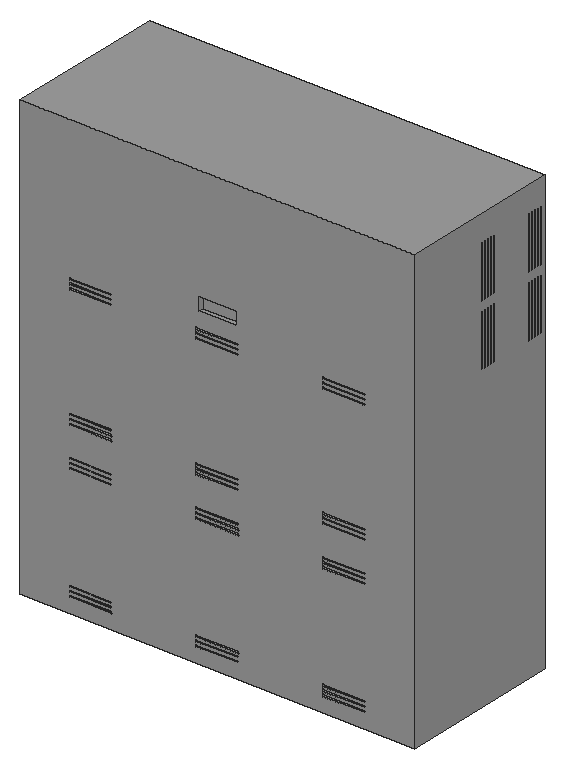
Revit family "VSTPM750U-950U-1150U", category Electrical Equipment, host Floor, Revit 2026
Family settings
  Host = Floor
  Round Connector Dimension = Use Diameter
  Part Type = Panelboard
  Always vertical = Yes
  Cut with Voids When Loaded = No
  Maintain Annotation Orientation = No
  Shared = No
  Room Calculation Point = No
Parameters (values of type "VSTPM1150U")
  Wattage Comments = "1150W"
  Voltage Comments = "120 /277V"
  Type Image = VESTA PRO MAX IMAGE.png
  Type Comments = "VESTA PRO MAX is a mid-size electrical inverter system for powering 750 to \r\n1150W of LED, incandescent, fluorescent and induction lighting loads. Pulse width \r\nmodulated output design provides clean, 60Hz sinusoidal emergency power \r\nto input side of the fixtures, thus eliminating any chance of incompatibility. All \r\nmodels are designed for fast and easy wall mounting."
  Panel Name [instance] = "VESTA PRO MAX"
  Model = "VSTPM1150U"
  Manufacturer = "BEGHELLI"
  Default Elevation = 0' - 0"
Types (4): name | Wattage Comments | Model
  (no name) | "1150W" | "VSTPM1150U"
  VSTPM750U | "750W" | "VSTPM750U"
  VSTPM950U | "950W" | "VSTPM950U"
  VSTPM1150U | "1150W" | "VSTPM1150U"
Reference planes (in)
  plane 1 "Center (Front/Back)": y = 0
  plane 2: z = 0
  plane 3 "Center (Left/Right)": x = 0
Dimensions and locks (in)
  equal spacing: host sketch curve, plane 1 "Center (Front/Back)", host sketch curve
  equal spacing: host sketch curve, plane 3 "Center (Left/Right)", host sketch curve
  host sketch curve to host sketch curve = 10' - 0"  (x2)
  aligned and locked: level to plane 2
Nested families (in)
  nested 1: "VSTPM75" at (0, 5, 0), type "VSTPM75"
Definition of nested family "VSTPM75"
  Parameters (values of type "VSTPM75")
    HOUSING MATERIAL = none
    Default Elevation = 0' - 0"
  Reference planes (in)
    plane 1 "Center (Front/Back)": y = 0
    plane 2: z = 0
    plane 3 "Center (Left/Right)": x = 0
    plane 4: z = 25.1
    plane 5: x = 11.2
    plane 6: y = -9.2
    plane 7: x = -11.2
  Forms (in)
    Extrusion 1, solid, material <- "HOUSING MATERIAL"
      sketch origin (-1, 0, 4.5) x (0, 0, -1) y (0, 1, 0)
        loop
          line (-20.6, 0) -> (-20.6, -9.2) -> (4.5, -9.2) -> (4.5, 0) -> (-20.6, 0)
      from -10.2 to 12.2
    Extrusion 2, void
      sketch origin (0.5625, 0, 16.625) x (1, 0, 0) y (0, 0, 1)
        loop
          line (-8.96744, -15.81025) -> (-6.55757, -15.81025) -> (-6.55757, -15.69535) -> (-8.96744, -15.69535) -> (-8.96744, -15.81025)
      from 9.06581 to 9.31392
    Extrusion 3, void
      sketch origin (7.7625, 0, 16.625) x (1, 0, 0) y (0, 0, 1)
        loop
          line (-8.96744, -15.81025) -> (-6.55757, -15.81025) -> (-6.55757, -15.69535) -> (-8.96744, -15.69535) -> (-8.96744, -15.81025)
      from 9.06581 to 9.31392
    Extrusion 4, void
      sketch origin (-0.5625, 0, 16.625) x (-1, 0, 0) y (0, 0, -1)
        loop
          line (-8.96744, 15.81025) -> (-8.96744, 15.69535) -> (-6.55757, 15.69535) -> (-6.55757, 15.81025) -> (-8.96744, 15.81025)
      from 9.06581 to 9.31392
    Extrusion 5, void
      sketch origin (0.5625, 0, 16.875) x (1, 0, 0) y (0, 0, 1)
        loop
          line (-8.96744, -15.81025) -> (-6.55757, -15.81025) -> (-6.55757, -15.69535) -> (-8.96744, -15.69535) -> (-8.96744, -15.81025)
      from 9.06581 to 9.31392
    Extrusion 6, void
      sketch origin (7.7625, 0, 16.875) x (1, 0, 0) y (0, 0, 1)
        loop
          line (-8.96744, -15.81025) -> (-6.55757, -15.81025) -> (-6.55757, -15.69535) -> (-8.96744, -15.69535) -> (-8.96744, -15.81025)
      from 9.06581 to 9.31392
    Extrusion 7, void
      sketch origin (-0.5625, 0, 16.875) x (-1, 0, 0) y (0, 0, -1)
        loop
          line (-8.96744, 15.81025) -> (-8.96744, 15.69535) -> (-6.55757, 15.69535) -> (-6.55757, 15.81025) -> (-8.96744, 15.81025)
      from 9.06581 to 9.31392
    Extrusion 8, void
      sketch origin (0.5625, 0, 17.125) x (1, 0, 0) y (0, 0, 1)
        loop
          line (-8.96744, -15.81025) -> (-6.55757, -15.81025) -> (-6.55757, -15.69535) -> (-8.96744, -15.69535) -> (-8.96744, -15.81025)
      from 9.06581 to 9.31392
    Extrusion 9, void
      sketch origin (7.7625, 0, 17.125) x (1, 0, 0) y (0, 0, 1)
        loop
          line (-8.96744, -15.81025) -> (-6.55757, -15.81025) -> (-6.55757, -15.69535) -> (-8.96744, -15.69535) -> (-8.96744, -15.81025)
      from 9.06581 to 9.31392
    Extrusion 10, void
      sketch origin (-0.5625, 0, 17.125) x (-1, 0, 0) y (0, 0, -1)
        loop
          line (-8.96744, 15.81025) -> (-8.96744, 15.69535) -> (-6.55757, 15.69535) -> (-6.55757, 15.81025) -> (-8.96744, 15.81025)
      from 9.06581 to 9.31392
    Extrusion 11, void
      sketch origin (0.5625, 0, 23.125) x (1, 0, 0) y (0, 0, 1)
        loop
          line (-8.96744, -15.81025) -> (-6.55757, -15.81025) -> (-6.55757, -15.69535) -> (-8.96744, -15.69535) -> (-8.96744, -15.81025)
      from 9.06581 to 9.31392
    Extrusion 12, void
      sketch origin (7.7625, 0, 23.125) x (1, 0, 0) y (0, 0, 1)
        loop
          line (-8.96744, -15.81025) -> (-6.55757, -15.81025) -> (-6.55757, -15.69535) -> (-8.96744, -15.69535) -> (-8.96744, -15.81025)
      from 9.06581 to 9.31392
    Extrusion 13, void
      sketch origin (-0.5625, 0, 23.125) x (-1, 0, 0) y (0, 0, -1)
        loop
          line (-8.96744, 15.81025) -> (-8.96744, 15.69535) -> (-6.55757, 15.69535) -> (-6.55757, 15.81025) -> (-8.96744, 15.81025)
      from 9.06581 to 9.31392
    Extrusion 14, void
      sketch origin (0.5625, 0, 23.375) x (1, 0, 0) y (0, 0, 1)
        loop
          line (-8.96744, -15.81025) -> (-6.55757, -15.81025) -> (-6.55757, -15.69535) -> (-8.96744, -15.69535) -> (-8.96744, -15.81025)
      from 9.06581 to 9.31392
    Extrusion 15, void
      sketch origin (7.7625, 0, 23.375) x (1, 0, 0) y (0, 0, 1)
        loop
          line (-8.96744, -15.81025) -> (-6.55757, -15.81025) -> (-6.55757, -15.69535) -> (-8.96744, -15.69535) -> (-8.96744, -15.81025)
      from 9.06581 to 9.31392
    Extrusion 16, void
      sketch origin (-0.5625, 0, 23.375) x (-1, 0, 0) y (0, 0, -1)
        loop
          line (-8.96744, 15.81025) -> (-8.96744, 15.69535) -> (-6.55757, 15.69535) -> (-6.55757, 15.81025) -> (-8.96744, 15.81025)
      from 9.06581 to 9.31392
    Extrusion 17, void
      sketch origin (0.5625, 0, 23.625) x (1, 0, 0) y (0, 0, 1)
        loop
          line (-8.96744, -15.81025) -> (-6.55757, -15.81025) -> (-6.55757, -15.69535) -> (-8.96744, -15.69535) -> (-8.96744, -15.81025)
      from 9.06581 to 9.31392
    Extrusion 18, void
      sketch origin (7.7625, 0, 23.625) x (1, 0, 0) y (0, 0, 1)
        loop
          line (-8.96744, -15.81025) -> (-6.55757, -15.81025) -> (-6.55757, -15.69535) -> (-8.96744, -15.69535) -> (-8.96744, -15.81025)
      from 9.06581 to 9.31392
    Extrusion 19, void
      sketch origin (-0.5625, 0, 23.625) x (-1, 0, 0) y (0, 0, -1)
        loop
          line (-8.96744, 15.81025) -> (-8.96744, 15.69535) -> (-6.55757, 15.69535) -> (-6.55757, 15.81025) -> (-8.96744, 15.81025)
      from 9.06581 to 9.31392
    Extrusion 20, void
      sketch origin (0.5625, 0, 25.375) x (1, 0, 0) y (0, 0, 1)
        loop
          line (-8.96744, -15.81025) -> (-6.55757, -15.81025) -> (-6.55757, -15.69535) -> (-8.96744, -15.69535) -> (-8.96744, -15.81025)
      from 9.06581 to 9.31392
    Extrusion 21, void
      sketch origin (7.7625, 0, 25.375) x (1, 0, 0) y (0, 0, 1)
        loop
          line (-8.96744, -15.81025) -> (-6.55757, -15.81025) -> (-6.55757, -15.69535) -> (-8.96744, -15.69535) -> (-8.96744, -15.81025)
      from 9.06581 to 9.31392
    Extrusion 22, void
      sketch origin (-0.5625, 0, 25.375) x (-1, 0, 0) y (0, 0, -1)
        loop
          line (-8.96744, 15.81025) -> (-8.96744, 15.69535) -> (-6.55757, 15.69535) -> (-6.55757, 15.81025) -> (-8.96744, 15.81025)
      from 9.06581 to 9.31392
    Extrusion 23, void
      sketch origin (0.5625, 0, 25.625) x (1, 0, 0) y (0, 0, 1)
        loop
          line (-8.96744, -15.81025) -> (-6.55757, -15.81025) -> (-6.55757, -15.69535) -> (-8.96744, -15.69535) -> (-8.96744, -15.81025)
      from 9.06581 to 9.31392
    Extrusion 24, void
      sketch origin (7.7625, 0, 25.625) x (1, 0, 0) y (0, 0, 1)
        loop
          line (-8.96744, -15.81025) -> (-6.55757, -15.81025) -> (-6.55757, -15.69535) -> (-8.96744, -15.69535) -> (-8.96744, -15.81025)
      from 9.06581 to 9.31392
    Extrusion 25, void
      sketch origin (-0.5625, 0, 25.625) x (-1, 0, 0) y (0, 0, -1)
        loop
          line (-8.96744, 15.81025) -> (-8.96744, 15.69535) -> (-6.55757, 15.69535) -> (-6.55757, 15.81025) -> (-8.96744, 15.81025)
      from 9.06581 to 9.31392
    Extrusion 26, void
      sketch origin (0.5625, 0, 25.875) x (1, 0, 0) y (0, 0, 1)
        loop
          line (-8.96744, -15.81025) -> (-6.55757, -15.81025) -> (-6.55757, -15.69535) -> (-8.96744, -15.69535) -> (-8.96744, -15.81025)
      from 9.06581 to 9.31392
    Extrusion 27, void
      sketch origin (7.7625, 0, 25.875) x (1, 0, 0) y (0, 0, 1)
        loop
          line (-8.96744, -15.81025) -> (-6.55757, -15.81025) -> (-6.55757, -15.69535) -> (-8.96744, -15.69535) -> (-8.96744, -15.81025)
      from 9.06581 to 9.31392
    Extrusion 28, void
      sketch origin (-0.5625, 0, 25.875) x (-1, 0, 0) y (0, 0, -1)
        loop
          line (-8.96744, 15.81025) -> (-8.96744, 15.69535) -> (-6.55757, 15.69535) -> (-6.55757, 15.81025) -> (-8.96744, 15.81025)
      from 9.06581 to 9.31392
    Extrusion 29, void
      sketch origin (0.5625, 0, 32.25) x (1, 0, 0) y (0, 0, 1)
        loop
          line (-8.96744, -15.81025) -> (-6.55757, -15.81025) -> (-6.55757, -15.69535) -> (-8.96744, -15.69535) -> (-8.96744, -15.81025)
      from 9.06581 to 9.31392
    Extrusion 30, void
      sketch origin (7.7625, 0, 32.25) x (1, 0, 0) y (0, 0, 1)
        loop
          line (-8.96744, -15.81025) -> (-6.55757, -15.81025) -> (-6.55757, -15.69535) -> (-8.96744, -15.69535) -> (-8.96744, -15.81025)
      from 9.06581 to 9.31392
    Extrusion 31, void
      sketch origin (-0.5625, 0, 32.25) x (-1, 0, 0) y (0, 0, -1)
        loop
          line (-8.96744, 15.81025) -> (-8.96744, 15.69535) -> (-6.55757, 15.69535) -> (-6.55757, 15.81025) -> (-8.96744, 15.81025)
      from 9.06581 to 9.31392
    Extrusion 32, void
      sketch origin (0.5625, 0, 32.5) x (1, 0, 0) y (0, 0, 1)
        loop
          line (-8.96744, -15.81025) -> (-6.55757, -15.81025) -> (-6.55757, -15.69535) -> (-8.96744, -15.69535) -> (-8.96744, -15.81025)
      from 9.06581 to 9.31392
    Extrusion 33, void
      sketch origin (7.7625, 0, 32.5) x (1, 0, 0) y (0, 0, 1)
        loop
          line (-8.96744, -15.81025) -> (-6.55757, -15.81025) -> (-6.55757, -15.69535) -> (-8.96744, -15.69535) -> (-8.96744, -15.81025)
      from 9.06581 to 9.31392
    Extrusion 34, void
      sketch origin (-0.5625, 0, 32.5) x (-1, 0, 0) y (0, 0, -1)
        loop
          line (-8.96744, 15.81025) -> (-8.96744, 15.69535) -> (-6.55757, 15.69535) -> (-6.55757, 15.81025) -> (-8.96744, 15.81025)
      from 9.06581 to 9.31392
    Extrusion 35, void
      sketch origin (0.5625, 0, 32.75) x (1, 0, 0) y (0, 0, 1)
        loop
          line (-8.96744, -15.81025) -> (-6.55757, -15.81025) -> (-6.55757, -15.69535) -> (-8.96744, -15.69535) -> (-8.96744, -15.81025)
      from 9.06581 to 9.31392
    Extrusion 36, void
      sketch origin (7.7625, 0, 32.75) x (1, 0, 0) y (0, 0, 1)
        loop
          line (-8.96744, -15.81025) -> (-6.55757, -15.81025) -> (-6.55757, -15.69535) -> (-8.96744, -15.69535) -> (-8.96744, -15.81025)
      from 9.06581 to 9.31392
    Extrusion 37, void
      sketch origin (-0.5625, 0, 32.75) x (-1, 0, 0) y (0, 0, -1)
        loop
          line (-8.96744, 15.81025) -> (-8.96744, 15.69535) -> (-6.55757, 15.69535) -> (-6.55757, 15.81025) -> (-8.96744, 15.81025)
      from 9.06581 to 9.31392
    Extrusion 38, void
      sketch origin (0, 0, 0) x (1, 0, 0) y (0, 0, 1)
        loop
          line (-1.07661, 18.67349) -> (-1.07661, 17.92349) -> (1.07795, 17.92349) -> (1.07795, 18.67349) -> (-1.07661, 18.67349)
      from 8.90761 to 9.52755
    Extrusion 39, void
      sketch origin (0, 0, 0) x (0, 1, 0) y (0, 0, 1)
        loop
          line (-0.22695, 23.64959) -> (-0.3207, 23.64959) -> (-0.3207, 20.64959) -> (-0.22695, 20.64959) -> (-0.22695, 23.64959)
      from 10.92547 to 11.50468
    Extrusion 40, void
      sketch origin (0, -5, 0) x (0, 1, 0) y (0, 0, 1)
        loop
          line (-0.22695, 23.64959) -> (-0.3207, 23.64959) -> (-0.3207, 20.64959) -> (-0.22695, 20.64959) -> (-0.22695, 23.64959)
      from 10.92547 to 11.50468
    Extrusion 41, void
      sketch origin (0, -0.20833, 0) x (0, 1, 0) y (0, 0, 1)
        loop
          line (-0.22695, 23.64959) -> (-0.3207, 23.64959) -> (-0.3207, 20.64959) -> (-0.22695, 20.64959) -> (-0.22695, 23.64959)
      from 10.92547 to 11.50468
    Extrusion 42, void
      sketch origin (0, -0.41667, 0) x (0, 1, 0) y (0, 0, 1)
        loop
          line (-0.22695, 23.64959) -> (-0.3207, 23.64959) -> (-0.3207, 20.64959) -> (-0.22695, 20.64959) -> (-0.22695, 23.64959)
      from 10.92547 to 11.50468
    Extrusion 43, void
      sketch origin (0, -0.625, 0) x (0, 1, 0) y (0, 0, 1)
        loop
          line (-0.22695, 23.64959) -> (-0.3207, 23.64959) -> (-0.3207, 20.64959) -> (-0.22695, 20.64959) -> (-0.22695, 23.64959)
      from 10.92547 to 11.50468
    Extrusion 44, void
      sketch origin (0, -0.83333, 0) x (0, 1, 0) y (0, 0, 1)
        loop
          line (-0.22695, 23.64959) -> (-0.3207, 23.64959) -> (-0.3207, 20.64959) -> (-0.22695, 20.64959) -> (-0.22695, 23.64959)
      from 10.92547 to 11.50468
    Extrusion 45, void
      sketch origin (0, -1.04167, 0) x (0, 1, 0) y (0, 0, 1)
        loop
          line (-0.22695, 23.64959) -> (-0.3207, 23.64959) -> (-0.3207, 20.64959) -> (-0.22695, 20.64959) -> (-0.22695, 23.64959)
      from 10.92547 to 11.50468
    Extrusion 46, void
      sketch origin (0, -1.25, 0) x (0, 1, 0) y (0, 0, 1)
        loop
          line (-0.22695, 23.64959) -> (-0.3207, 23.64959) -> (-0.3207, 20.64959) -> (-0.22695, 20.64959) -> (-0.22695, 23.64959)
      from 10.92547 to 11.50468
    Extrusion 47, void
      sketch origin (0, -1.45833, 0) x (0, 1, 0) y (0, 0, 1)
        loop
          line (-0.22695, 23.64959) -> (-0.3207, 23.64959) -> (-0.3207, 20.64959) -> (-0.22695, 20.64959) -> (-0.22695, 23.64959)
      from 10.92547 to 11.50468
    Extrusion 48, void
      sketch origin (0, -1.66667, 0) x (0, 1, 0) y (0, 0, 1)
        loop
          line (-0.22695, 23.64959) -> (-0.3207, 23.64959) -> (-0.3207, 20.64959) -> (-0.22695, 20.64959) -> (-0.22695, 23.64959)
      from 10.92547 to 11.50468
    Extrusion 49, void
      sketch origin (0, -1.875, 0) x (0, 1, 0) y (0, 0, 1)
        loop
          line (-0.22695, 23.64959) -> (-0.3207, 23.64959) -> (-0.3207, 20.64959) -> (-0.22695, 20.64959) -> (-0.22695, 23.64959)
      from 10.92547 to 11.50468
    Extrusion 50, void
      sketch origin (0, -2.08333, 0) x (0, 1, 0) y (0, 0, 1)
        loop
          line (-0.22695, 23.64959) -> (-0.3207, 23.64959) -> (-0.3207, 20.64959) -> (-0.22695, 20.64959) -> (-0.22695, 23.64959)
      from 10.92547 to 11.50468
    Extrusion 51, void
      sketch origin (0, -2.29167, 0) x (0, 1, 0) y (0, 0, 1)
        loop
          line (-0.22695, 23.64959) -> (-0.3207, 23.64959) -> (-0.3207, 20.64959) -> (-0.22695, 20.64959) -> (-0.22695, 23.64959)
      from 10.92547 to 11.50468
    Extrusion 52, void
      sketch origin (0, -2.5, 0) x (0, 1, 0) y (0, 0, 1)
        loop
          line (-0.22695, 23.64959) -> (-0.3207, 23.64959) -> (-0.3207, 20.64959) -> (-0.22695, 20.64959) -> (-0.22695, 23.64959)
      from 10.92547 to 11.50468
    Extrusion 53, void
      sketch origin (0, -2.70833, 0) x (0, 1, 0) y (0, 0, 1)
        loop
          line (-0.22695, 23.64959) -> (-0.3207, 23.64959) -> (-0.3207, 20.64959) -> (-0.22695, 20.64959) -> (-0.22695, 23.64959)
      from 10.92547 to 11.50468
    Extrusion 54, void
      sketch origin (0, -2.91667, 0) x (0, 1, 0) y (0, 0, 1)
        loop
          line (-0.22695, 23.64959) -> (-0.3207, 23.64959) -> (-0.3207, 20.64959) -> (-0.22695, 20.64959) -> (-0.22695, 23.64959)
      from 10.92547 to 11.50468
    Extrusion 55, void
      sketch origin (0, -3.125, 0) x (0, 1, 0) y (0, 0, 1)
        loop
          line (-0.22695, 23.64959) -> (-0.3207, 23.64959) -> (-0.3207, 20.64959) -> (-0.22695, 20.64959) -> (-0.22695, 23.64959)
      from 10.92547 to 11.50468
    Extrusion 56, void
      sketch origin (0, -3.33333, 0) x (0, 1, 0) y (0, 0, 1)
        loop
          line (-0.22695, 23.64959) -> (-0.3207, 23.64959) -> (-0.3207, 20.64959) -> (-0.22695, 20.64959) -> (-0.22695, 23.64959)
      from 10.92547 to 11.50468
    Extrusion 57, void
      sketch origin (0, -3.54167, 0) x (0, 1, 0) y (0, 0, 1)
        loop
          line (-0.22695, 23.64959) -> (-0.3207, 23.64959) -> (-0.3207, 20.64959) -> (-0.22695, 20.64959) -> (-0.22695, 23.64959)
      from 10.92547 to 11.50468
    Extrusion 58, void
      sketch origin (0, -3.75, 0) x (0, 1, 0) y (0, 0, 1)
        loop
          line (-0.22695, 23.64959) -> (-0.3207, 23.64959) -> (-0.3207, 20.64959) -> (-0.22695, 20.64959) -> (-0.22695, 23.64959)
      from 10.92547 to 11.50468
    Extrusion 59, void
      sketch origin (0, -3.95833, 0) x (0, 1, 0) y (0, 0, 1)
        loop
          line (-0.22695, 23.64959) -> (-0.3207, 23.64959) -> (-0.3207, 20.64959) -> (-0.22695, 20.64959) -> (-0.22695, 23.64959)
      from 10.92547 to 11.50468
    Extrusion 60, void
      sketch origin (0, -4.16667, 0) x (0, 1, 0) y (0, 0, 1)
        loop
          line (-0.22695, 23.64959) -> (-0.3207, 23.64959) -> (-0.3207, 20.64959) -> (-0.22695, 20.64959) -> (-0.22695, 23.64959)
      from 10.92547 to 11.50468
    Extrusion 61, void
      sketch origin (0, -4.375, 0) x (0, 1, 0) y (0, 0, 1)
        loop
          line (-0.22695, 23.64959) -> (-0.3207, 23.64959) -> (-0.3207, 20.64959) -> (-0.22695, 20.64959) -> (-0.22695, 23.64959)
      from 10.92547 to 11.50468
    Extrusion 62, void
      sketch origin (0, -4.58333, 0) x (0, 1, 0) y (0, 0, 1)
        loop
          line (-0.22695, 23.64959) -> (-0.3207, 23.64959) -> (-0.3207, 20.64959) -> (-0.22695, 20.64959) -> (-0.22695, 23.64959)
      from 10.92547 to 11.50468
    Extrusion 63, void
      sketch origin (0, -4.79167, 0) x (0, 1, 0) y (0, 0, 1)
        loop
          line (-0.22695, 23.64959) -> (-0.3207, 23.64959) -> (-0.3207, 20.64959) -> (-0.22695, 20.64959) -> (-0.22695, 23.64959)
      from 10.92547 to 11.50468
    Extrusion 64, void
      sketch origin (0, 0, -3.5) x (0, 1, 0) y (0, 0, 1)
        loop
          line (-0.22695, 23.64959) -> (-0.3207, 23.64959) -> (-0.3207, 20.64959) -> (-0.22695, 20.64959) -> (-0.22695, 23.64959)
      from 10.92547 to 11.50468
    Extrusion 65, void
      sketch origin (0, -5, -3.5) x (0, 1, 0) y (0, 0, 1)
        loop
          line (-0.22695, 23.64959) -> (-0.3207, 23.64959) -> (-0.3207, 20.64959) -> (-0.22695, 20.64959) -> (-0.22695, 23.64959)
      from 10.92547 to 11.50468
    Extrusion 66, void
      sketch origin (0, -0.20833, -3.5) x (0, 1, 0) y (0, 0, 1)
        loop
          line (-0.22695, 23.64959) -> (-0.3207, 23.64959) -> (-0.3207, 20.64959) -> (-0.22695, 20.64959) -> (-0.22695, 23.64959)
      from 10.92547 to 11.50468
    Extrusion 67, void
      sketch origin (0, -0.41667, -3.5) x (0, 1, 0) y (0, 0, 1)
        loop
          line (-0.22695, 23.64959) -> (-0.3207, 23.64959) -> (-0.3207, 20.64959) -> (-0.22695, 20.64959) -> (-0.22695, 23.64959)
      from 10.92547 to 11.50468
    Extrusion 68, void
      sketch origin (0, -0.625, -3.5) x (0, 1, 0) y (0, 0, 1)
        loop
          line (-0.22695, 23.64959) -> (-0.3207, 23.64959) -> (-0.3207, 20.64959) -> (-0.22695, 20.64959) -> (-0.22695, 23.64959)
      from 10.92547 to 11.50468
    Extrusion 69, void
      sketch origin (0, -0.83333, -3.5) x (0, 1, 0) y (0, 0, 1)
        loop
          line (-0.22695, 23.64959) -> (-0.3207, 23.64959) -> (-0.3207, 20.64959) -> (-0.22695, 20.64959) -> (-0.22695, 23.64959)
      from 10.92547 to 11.50468
    Extrusion 70, void
      sketch origin (0, -1.04167, -3.5) x (0, 1, 0) y (0, 0, 1)
        loop
          line (-0.22695, 23.64959) -> (-0.3207, 23.64959) -> (-0.3207, 20.64959) -> (-0.22695, 20.64959) -> (-0.22695, 23.64959)
      from 10.92547 to 11.50468
    Extrusion 71, void
      sketch origin (0, -1.25, -3.5) x (0, 1, 0) y (0, 0, 1)
        loop
          line (-0.22695, 23.64959) -> (-0.3207, 23.64959) -> (-0.3207, 20.64959) -> (-0.22695, 20.64959) -> (-0.22695, 23.64959)
      from 10.92547 to 11.50468
    Extrusion 72, void
      sketch origin (0, -1.45833, -3.5) x (0, 1, 0) y (0, 0, 1)
        loop
          line (-0.22695, 23.64959) -> (-0.3207, 23.64959) -> (-0.3207, 20.64959) -> (-0.22695, 20.64959) -> (-0.22695, 23.64959)
      from 10.92547 to 11.50468
    Extrusion 73, void
      sketch origin (0, -1.66667, -3.5) x (0, 1, 0) y (0, 0, 1)
        loop
          line (-0.22695, 23.64959) -> (-0.3207, 23.64959) -> (-0.3207, 20.64959) -> (-0.22695, 20.64959) -> (-0.22695, 23.64959)
      from 10.92547 to 11.50468
    Extrusion 74, void
      sketch origin (0, -1.875, -3.5) x (0, 1, 0) y (0, 0, 1)
        loop
          line (-0.22695, 23.64959) -> (-0.3207, 23.64959) -> (-0.3207, 20.64959) -> (-0.22695, 20.64959) -> (-0.22695, 23.64959)
      from 10.92547 to 11.50468
    Extrusion 75, void
      sketch origin (0, -2.08333, -3.5) x (0, 1, 0) y (0, 0, 1)
        loop
          line (-0.22695, 23.64959) -> (-0.3207, 23.64959) -> (-0.3207, 20.64959) -> (-0.22695, 20.64959) -> (-0.22695, 23.64959)
      from 10.92547 to 11.50468
    Extrusion 76, void
      sketch origin (0, -2.29167, -3.5) x (0, 1, 0) y (0, 0, 1)
        loop
          line (-0.22695, 23.64959) -> (-0.3207, 23.64959) -> (-0.3207, 20.64959) -> (-0.22695, 20.64959) -> (-0.22695, 23.64959)
      from 10.92547 to 11.50468
    Extrusion 77, void
      sketch origin (0, -2.5, -3.5) x (0, 1, 0) y (0, 0, 1)
        loop
          line (-0.22695, 23.64959) -> (-0.3207, 23.64959) -> (-0.3207, 20.64959) -> (-0.22695, 20.64959) -> (-0.22695, 23.64959)
      from 10.92547 to 11.50468
    Extrusion 78, void
      sketch origin (0, -2.70833, -3.5) x (0, 1, 0) y (0, 0, 1)
        loop
          line (-0.22695, 23.64959) -> (-0.3207, 23.64959) -> (-0.3207, 20.64959) -> (-0.22695, 20.64959) -> (-0.22695, 23.64959)
      from 10.92547 to 11.50468
    Extrusion 79, void
      sketch origin (0, -2.91667, -3.5) x (0, 1, 0) y (0, 0, 1)
        loop
          line (-0.22695, 23.64959) -> (-0.3207, 23.64959) -> (-0.3207, 20.64959) -> (-0.22695, 20.64959) -> (-0.22695, 23.64959)
      from 10.92547 to 11.50468
    Extrusion 80, void
      sketch origin (0, -3.125, -3.5) x (0, 1, 0) y (0, 0, 1)
        loop
          line (-0.22695, 23.64959) -> (-0.3207, 23.64959) -> (-0.3207, 20.64959) -> (-0.22695, 20.64959) -> (-0.22695, 23.64959)
      from 10.92547 to 11.50468
    Extrusion 81, void
      sketch origin (0, -3.33333, -3.5) x (0, 1, 0) y (0, 0, 1)
        loop
          line (-0.22695, 23.64959) -> (-0.3207, 23.64959) -> (-0.3207, 20.64959) -> (-0.22695, 20.64959) -> (-0.22695, 23.64959)
      from 10.92547 to 11.50468
    Extrusion 82, void
      sketch origin (0, -3.54167, -3.5) x (0, 1, 0) y (0, 0, 1)
        loop
          line (-0.22695, 23.64959) -> (-0.3207, 23.64959) -> (-0.3207, 20.64959) -> (-0.22695, 20.64959) -> (-0.22695, 23.64959)
      from 10.92547 to 11.50468
    Extrusion 83, void
      sketch origin (0, -3.75, -3.5) x (0, 1, 0) y (0, 0, 1)
        loop
          line (-0.22695, 23.64959) -> (-0.3207, 23.64959) -> (-0.3207, 20.64959) -> (-0.22695, 20.64959) -> (-0.22695, 23.64959)
      from 10.92547 to 11.50468
    Extrusion 84, void
      sketch origin (0, -3.95833, -3.5) x (0, 1, 0) y (0, 0, 1)
        loop
          line (-0.22695, 23.64959) -> (-0.3207, 23.64959) -> (-0.3207, 20.64959) -> (-0.22695, 20.64959) -> (-0.22695, 23.64959)
      from 10.92547 to 11.50468
    Extrusion 85, void
      sketch origin (0, -4.16667, -3.5) x (0, 1, 0) y (0, 0, 1)
        loop
          line (-0.22695, 23.64959) -> (-0.3207, 23.64959) -> (-0.3207, 20.64959) -> (-0.22695, 20.64959) -> (-0.22695, 23.64959)
      from 10.92547 to 11.50468
    Extrusion 86, void
      sketch origin (0, -4.375, -3.5) x (0, 1, 0) y (0, 0, 1)
        loop
          line (-0.22695, 23.64959) -> (-0.3207, 23.64959) -> (-0.3207, 20.64959) -> (-0.22695, 20.64959) -> (-0.22695, 23.64959)
      from 10.92547 to 11.50468
    Extrusion 87, void
      sketch origin (0, -4.58333, -3.5) x (0, 1, 0) y (0, 0, 1)
        loop
          line (-0.22695, 23.64959) -> (-0.3207, 23.64959) -> (-0.3207, 20.64959) -> (-0.22695, 20.64959) -> (-0.22695, 23.64959)
      from 10.92547 to 11.50468
    Extrusion 88, void
      sketch origin (0, -4.79167, -3.5) x (0, 1, 0) y (0, 0, 1)
        loop
          line (-0.22695, 23.64959) -> (-0.3207, 23.64959) -> (-0.3207, 20.64959) -> (-0.22695, 20.64959) -> (-0.22695, 23.64959)
      from 10.92547 to 11.50468
  Cuts and joins
    Extrusion 2, Extrusion 3, Extrusion 4, Extrusion 5, Extrusion 6, Extrusion 7, Extrusion 8, Extrusion 9, Extrusion 10, Extrusion 11, Extrusion 12, Extrusion 13, Extrusion 14, Extrusion 15, Extrusion 16, Extrusion 17, Extrusion 18, Extrusion 19, Extrusion 20, Extrusion 21, Extrusion 22, Extrusion 23, Extrusion 24, Extrusion 25, Extrusion 26, Extrusion 27, Extrusion 28, Extrusion 29, Extrusion 30, Extrusion 31, Extrusion 32, Extrusion 33, Extrusion 34, Extrusion 35, Extrusion 36, Extrusion 37, Extrusion 38, Extrusion 39, Extrusion 40, Extrusion 41, Extrusion 42, Extrusion 43, Extrusion 44, Extrusion 45, Extrusion 46, Extrusion 47, Extrusion 48, Extrusion 49, Extrusion 50, Extrusion 51, Extrusion 52, Extrusion 53, Extrusion 54, Extrusion 55, Extrusion 56, Extrusion 57, Extrusion 58, Extrusion 59, Extrusion 60, Extrusion 61, Extrusion 62, Extrusion 63, Extrusion 64, Extrusion 65, Extrusion 66, Extrusion 67, Extrusion 68, Extrusion 69, Extrusion 70, Extrusion 71, Extrusion 72, Extrusion 73, Extrusion 74, Extrusion 75, Extrusion 76, Extrusion 77, Extrusion 78, Extrusion 79, Extrusion 80, Extrusion 81, Extrusion 82, Extrusion 83, Extrusion 84, Extrusion 85, Extrusion 86, Extrusion 87, Extrusion 88 cuts Extrusion 1
  Dimensions and locks (in)
    plane 4 to level = 2' - 1.1"  (x2)
    plane 5 to plane 3 "Center (Left/Right)" = 0' - 11.2"
    plane 3 "Center (Left/Right)" to plane 5 = 0' - 11.2"
    plane 1 "Center (Front/Back)" to plane 6 = 0' - 9.2"
    equal spacing: group 1, group 3, group 4, group 5, group 6, group 7, group 8, group 9, group 10, group 11, group 12, group 13, group 14, group 15, group 16, group 17, group 18, group 19, group 20, group 21, group 22, group 23, group 24, group 25, group 2  (x2)
    equal spacing: group 2, group 25, group 24, group 23, group 22, group 21, group 20, group 19, group 18, group 17, group 16, group 15, group 14, group 13, group 12, group 11, group 10, group 9, group 8, group 7, group 6, group 5, group 4, group 3, group 1
    aligned and locked: plane 2 to level
    aligned and locked: plane 4 to Extrusion 1
    aligned and locked: plane 5 to Extrusion 1
    aligned and locked: Extrusion 1 to plane 6
    aligned and locked: Extrusion 1 to plane 1 "Center (Front/Back)"
    aligned and locked: plane 7 to cut or joined group of Extrusion 1, Extrusion 2, Extrusion 3, Extrusion 4, Extrusion 5, Extrusion 6, Extrusion 7, Extrusion 8, Extrusion 9, Extrusion 10, Extrusion 11, Extrusion 12, Extrusion 13, Extrusion 14, Extrusion 15, Extrusion 16, Extrusion 17, Extrusion 18, Extrusion 19, Extrusion 20, Extrusion 21, Extrusion 22, Extrusion 23, Extrusion 24, Extrusion 25, Extrusion 26, Extrusion 27, Extrusion 28, Extrusion 29, Extrusion 30, Extrusion 31, Extrusion 32, Extrusion 33, Extrusion 34, Extrusion 35, Extrusion 36, Extrusion 37, Extrusion 38, Extrusion 39, Extrusion 40, Extrusion 41, Extrusion 42, Extrusion 43, Extrusion 44, Extrusion 45, Extrusion 46, Extrusion 47, Extrusion 48, Extrusion 49, Extrusion 50, Extrusion 51, Extrusion 52, Extrusion 53, Extrusion 54, Extrusion 55, Extrusion 56, Extrusion 57, Extrusion 58, Extrusion 59, Extrusion 60, Extrusion 61, Extrusion 62, Extrusion 63, Extrusion 64, Extrusion 65, Extrusion 66, Extrusion 67, Extrusion 68, Extrusion 69, Extrusion 70, Extrusion 71, Extrusion 72, Extrusion 73, Extrusion 74, Extrusion 75, Extrusion 76, Extrusion 77, Extrusion 78, Extrusion 79, Extrusion 80, Extrusion 81, Extrusion 82, Extrusion 83, Extrusion 84, Extrusion 85, Extrusion 86, Extrusion 87, Extrusion 88
